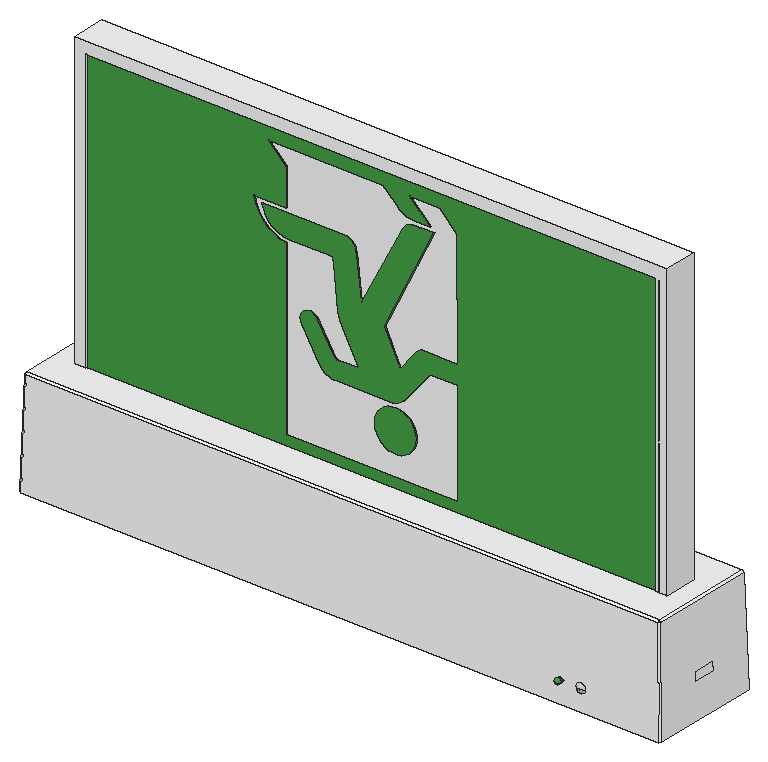
Revit family "GLIDER-SM_AUA03510130001", category Lighting Fixtures, host Face, Revit 2020 (continued)
Parameters (values of type "Running Man Single")
      5.345,   5.325\r\n   5.293,   5.259,   5.228,   5.229,   5.195,   5.155,   5.131,   5.102\r\n   5.059,   5.038,   5.015,   4.948,   4.933,   4.890,   4.864,   4.819\r\n   4.769,   4.736,   4.707,   4.659,   4.614,   4.574,   4.559,   4.501\r\n   4.450,   4.408,   4.374,   4.318,   4.266,   4.228,   4.173,   4.137\r\n   4.094,   4.058,   4.021,   3.995,   3.924,   3.897,   3.853,   3.796\r\n   3.783,   3.728,   3.689,   3.647,   3.626,   3.563,   3.530,   3.508\r\n   3.470,   3.417,   3.388,   3.342,   3.293,   3.268,   3.231,   3.189\r\n   3.153,   3.110,   3.072,   3.033,   3.002,   2.956,   2.907,   2.869\r\n   2.836,   2.795,   2.753,   2.718,   2.665,   2.623,   2.593,   2.532\r\n   2.486,   2.447,   2.407,   2.338,   2.297,   2.251,   2.204,   2.148\r\n   2.105,   2.057,   2.019,   1.987,   1.926,   1.901,   1.864,   1.818\r\n   1.777,   1.742,   1.708,   1.667,   1.639,   1.597,   1.569,   1.542\r\n   1.501,   1.470,   1.449,   1.410,   1.390,   1.360,   1.334,   1.309\r\n   1.290,   1.263,   1.244,   1.227,   1.212,   1.193,   1.172,   1.162\r\n   1.141,   1.129,   1.121,   1.106,   1.092,   1.086,   1.071,   1.066\r\n   1.055,   1.049,   1.043,   1.038,   1.030,   1.029,   1.023,   1.022\r\n   1.021,   1.016,   1.012,   1.005,   1.010,   1.006,   1.005,   1.003\r\n   0.995,   0.996,   0.987,   0.990,   0.990,   0.982,   0.979,   0.975\r\n   0.975,   0.970,   0.963,   0.960,   0.953,   0.949,   0.948,   0.943\r\n   0.933,   0.926,   0.925,   0.915,   0.915,   0.905,   0.899,   0.898\r\n   0.889,   0.883,   0.877,   0.870,   0.862,   0.857,   0.847,   0.844\r\n   0.839,   0.832,   0.822,   0.816,   0.814,   0.806,   0.797,   0.793\r\n   0.783,   0.774,   0.767,   0.764,   0.756,   0.748,   0.744,   0.736\r\n   0.727,   0.723,   0.716,   0.708,   0.703,   0.694,   0.688,   0.682\r\n   0.672,   0.665,   0.663,   0.651,   0.647,   0.637,   0.628,   0.623\r\n   0.618,   0.612,   0.601,   0.595,   0.591,   0.582,   0.576,   0.570\r\n   0.562,   0.557,   0.548,   0.542,   0.533,   0.529,   0.522,   0.515\r\n   0.503,   0.502,   0.490,   0.487,   0.478,   0.474,   0.465,   0.455\r\n   0.452,   0.440,   0.435,   0.428,   0.417,   0.413,   0.404,   0.392\r\n   0.387,   0.377,   0.371,   0.361,   0.354,   0.346,   0.335,   0.327\r\n   0.318,   0.310,   0.300,   0.291,   0.282,   0.272,   0.264,   0.252\r\n   0.242,   0.235,   0.222,   0.210,   0.201,   0.189,   0.177,   0.162\r\n   0.147,   0.136,   0.127,   0.121,   0.115,   0.107,   0.103,   0.096\r\n   0.089,   0.082,   0.076,   0.072,   0.064,   0.059,   0.054,   0.047\r\n   0.043,   0.040,   0.031,   0.028,   0.022,   0.017,   0.014,   0.011\r\n   0.011,   0.011,   0.010,   0.009,   0.011,   0.010,   0.009,   0.010\r\n   0.008,   0.010,   0.010,   0.009,   0.010,   0.008,   0.008,   0.008\r\n   0.010,   0.009,   0.009,   0.009,   0.010,   0.011,   0.009,   0.009\r\n   0.009\r\n   5.761,   5.738,   5.804,   5.796,   5.815,   5.814,   5.830,   5.825\r\n   5.830,   5.825,   5.828,   5.855,   5.843,   5.844,   5.832,   5.849\r\n   5.865,   5.855,   5.851,   5.861,   5.859,   5.847,   5.852,   5.857\r\n   5.840,   5.860,   5.860,   5.847,   5.867,   5.823,   5.836,   5.836\r\n   5.820,   5.823,   5.801,   5.783,   5.761,   5.750,   5.757,   5.726\r\n   5.683,   5.683,   5.648,   5.623,   5.613,   5.576,   5.539,   5.518\r\n   5.515,   5.482,   5.446,   5.417,   5.374,   5.361,   5.332,   5.312\r\n   5.307,   5.262,   5.208,   5.236,   5.158,   5.132,   5.123,   5.090\r\n   5.082,   5.075,   5.040,   4.991,   4.985,   4.944,   4.941,   4.914\r\n   4.879,   4.871,   4.844,   4.834,   4.784,   4.753,   4.735,   4.722\r\n   4.699,   4.670,   4.641,   4.607,   4.581,   4.582,   4.537,   4.518\r\n   4.481,   4.469,   4.432,   4.425,   4.384,   4.343,   4.324,   4.272\r\n   4.238,   4.206,   4.146,   4.105,   4.077,   4.013,   3.953,   3.918\r\n   3.873,   3.809,   3.767,   3.702,   3.656,   3.586,   3.537,   3.465\r\n   3.420,   3.362,   3.320,   3.263,   3.221,   3.169,   3.108,   3.070\r\n   3.022,   2.967,   2.932,   2.873,   2.829,   2.792,   2.759,   2.710\r\n   2.669,   2.630,   2.588,   2.553,   2.509,   2.484,   2.432,   2.403\r\n   2.368,   2.339,   2.313,   2.276,   2.232,   2.210,   2.173,   2.140\r\n   2.114,   2.078,   2.051,   2.023,   2.002,   1.962,   1.938,   1.917\r\n   1.888,   1.872,   1.843,   1.824,   1.803,   1.779,   1.775,   1.741\r\n   1.726,   1.703,   1.689,   1.676,   1.660,   1.651,   1.637,   1.621\r\n   1.598,   1.590,   1.585,   1.571,   1.556,   1.549,   1.533,   1.521\r\n   1.522,   1.504,   1.500,   1.497,   1.492,   1.482,   1.474,   1.474\r\n   1.465,   1.462,   1.457,   1.456,   1.447,   1.449,   1.446,   1.437\r\n   1.433,   1.436,   1.425,   1.420,   1.423,   1.417,   1.414,   1.415\r\n   1.410,   1.399,   1.402,   1.395,   1.386,   1.382,   1.384,   1.376\r\n   1.369,   1.364,   1.363,   1.359,   1.350,   1.343,   1.340,   1.336\r\n   1.327,   1.319,   1.310,   1.313,   1.297,   1.285,   1.282,   1.271\r\n   1.261,   1.267,   1.250,   1.243,   1.236,   1.222,   1.217,   1.211\r\n   1.199,   1.183,   1.176,   1.172,   1.161,   1.154,   1.139,   1.136\r\n   1.119,   1.110,   1.100,   1.089,   1.078,   1.070,   1.060,   1.051\r\n   1.038,   1.033,   1.016,   1.005,   0.996,   0.984,   0.974,   0.962\r\n   0.950,   0.943,   0.929,   0.921,   0.912,   0.896,   0.884,   0.873\r\n   0.865,   0.847,   0.835,   0.825,   0.811,   0.798,   0.791,   0.778\r\n   0.770,   0.759,   0.741,   0.733,   0.723,   0.709,   0.691,   0.680\r\n   0.672,   0.661,   0.647,   0.637,   0.622,   0.612,   0.599,   0.582\r\n   0.567,   0.561,   0.548,   0.537,   0.523,   0.512,   0.498,   0.485\r\n   0.477,   0.459,   0.444,   0.432,   0.423,   0.406,   0.398,   0.386\r\n   0.370,   0.361,   0.351,   0.337,   0.326,   0.316,   0.303,   0.289\r\n   0.279,   0.262,   0.247,   0.237,   0.225,   0.214,   0.203,   0.188\r\n   0.172,   0.162,   0.149,   0.137,   0.127,   0.117,   0.104,   0.091\r\n   0.079,   0.068,   0.056,   0.046,   0.032,   0.020,   0.013,   0.012\r\n   0.010,   0.009,   0.011,   0.010,   0.011,   0.010,   0.011,   0.010\r\n   0.009,   0.011,   0.011,   0.010,   0.011,   0.009,   0.011,   0.010\r\n   0.010,   0.009,   0.011,   0.009,   0.010,   0.010,   0.009,   0.010\r\n   0.009\r\n   5.761,   5.752,   5.788,   5.847,   5.807,   5.830,   5.832,   5.857\r\n   5.869,   5.826,   5.882,   5.842,   5.858,   5.879,   5.897,   5.909\r\n   5.880,   5.917,   5.936,   5.903,   5.907,   5.921,   5.889,   5.901\r\n   5.904,   5.892,   5.904,   5.877,   5.880,   5.877,   5.866,   5.854\r\n   5.810,   5.801,   5.762,   5.755,   5.727,   5.675,   5.649,   5.634\r\n   5.614,   5.585,   5.554,   5.545,   5.498,   5.477,   5.456,   5.438\r\n   5.428,   5.370,   5.354,   5.318,   5.303,   5.305,   5.244,   5.249\r\n   5.233,   5.179,   5.184,   5.147,   5.138,   5.138,   5.084,   5.075\r\n   5.061,   5.030,   4.993,   4.987,   4.970,   4.938,   4.952,   4.884\r\n   4.911,   4.854,   4.837,   4.804,   4.786,   4.760,   4.734,   4.696\r\n   4.689,   4.656,   4.626,   4.566,   4.525,   4.502,   4.463,   4.413\r\n   4.368,   4.330,   4.288,   4.224,   4.172,   4.125,   4.066,   3.993\r\n   3.950,   3.903,   3.845,   3.781,   3.734,   3.683,   3.633,   3.574\r\n   3.521,   3.460,   3.407,   3.375,   3.325,   3.277,   3.229,   3.180\r\n   3.120,   3.094,   3.034,   2.996,   2.949,   2.906,   2.877,   2.839\r\n   2.783,   2.756,   2.723,   2.670,   2.639,   2.621,   2.581,   2.538\r\n   2.501,   2.476,   2.440,   2.405,   2.378,   2.338,   2.309,   2.277\r\n   2.254,   2.227,   2.200,   2.166,   2.146,   2.118,   2.103,   2.073\r\n   2.059,   2.037,   2.015,   1.993,   1.972,   1.953,   1.937,   1.915\r\n   1.893,   1.879,   1.869,   1.848,   1.827,   1.809,   1.796,   1.773\r\n   1.771,   1.749,   1.740,   1.725,   1.711,   1.702,   1.691,   1.670\r\n   1.664,   1.661,   1.650,   1.639,   1.634,   1.623,   1.612,   1.603\r\n   1.592,   1.599,   1.592,   1.579,   1.578,   1.568,   1.568,   1.564\r\n   1.556,   1.557,   1.560,   1.547,   1.548,   1.540,   1.543,   1.536\r\n   1.534,   1.528,   1.526,   1.522,   1.521,   1.514,   1.515,   1.508\r\n   1.509,   1.503,   1.500,   1.500,   1.491,   1.490,   1.485,   1.481\r\n   1.473,   1.465,   1.463,   1.457,   1.453,   1.447,   1.447,   1.440\r\n   1.429,   1.426,   1.421,   1.414,   1.399,   1.399,   1.395,   1.382\r\n   1.382,   1.374,   1.369,   1.351,   1.344,   1.343,   1.324,   1.328\r\n   1.324,   1.299,   1.292,   1.288,   1.274,   1.267,   1.258,   1.248\r\n   1.237,   1.232,   1.218,   1.206,   1.198,   1.188,   1.175,   1.160\r\n   1.147,   1.137,   1.128,   1.117,   1.103,   1.091,   1.085,   1.073\r\n   1.055,   1.052,   1.038,   1.021,   1.015,   1.002,   0.978,   0.979\r\n   0.963,   0.949,   0.941,   0.928,   0.914,   0.903,   0.893,   0.881\r\n   0.867,   0.857,   0.840,   0.828,   0.818,   0.806,   0.788,   0.778\r\n   0.769,   0.756,   0.741,   0.728,   0.716,   0.699,   0.693,   0.678\r\n   0.663,   0.654,   0.638,   0.625,   0.614,   0.598,   0.587,   0.569\r\n   0.556,   0.543,   0.529,   0.518,   0.502,   0.489,   0.481,   0.466\r\n   0.454,   0.443,   0.426,   0.415,   0.402,   0.391,   0.380,   0.366\r\n   0.356,   0.346,   0.332,   0.324,   0.309,   0.295,   0.284,   0.272\r\n   0.256,   0.243,   0.229,   0.219,   0.205,   0.192,   0.175,   0.158\r\n   0.143,   0.132,   0.120,   0.113,   0.103,   0.091,   0.080,   0.071\r\n   0.057,   0.041,   0.029,   0.017,   0.010,   0.010,   0.009,   0.009\r\n   0.011,   0.008,   0.011,   0.010,   0.011,   0.012,   0.010,   0.007\r\n   0.012,   0.009,   0.009,   0.010,   0.009,   0.009,   0.009,   0.009\r\n   0.009\r\n   5.761,   5.714,   5.763,   5.777,   5.803,   5.798,   5.825,   5.831\r\n   5.829,   5.853,   5.839,   5.858,   5.839,   5.844,   5.875,   5.878\r\n   5.865,   5.900,   5.870,   5.881,   5.892,   5.884,   5.883,   5.883\r\n   5.887,   5.887,   5.875,   5.845,   5.869,   5.824,   5.798,   5.776\r\n   5.746,   5.733,   5.721,   5.696,   5.644,   5.621,   5.569,   5.551\r\n   5.532,   5.515,   5.494,   5.461,   5.420,   5.434,   5.376,   5.331\r\n   5.307,   5.292,   5.269,   5.246,   5.235,   5.205,   5.201,   5.197\r\n   5.157,   5.137,   5.128,   5.085,   5.061,   5.086,   5.066,   5.014\r\n   4.976,   4.987,   4.951,   4.945,   4.931,   4.917,   4.865,   4.843\r\n   4.826,   4.818,   4.774,   4.744,   4.714,   4.697,   4.654,   4.620\r\n   4.572,   4.538,   4.493,   4.447,   4.409,   4.372,   4.319,   4.276\r\n   4.200,   4.133,   4.096,   4.071,   3.988,   3.926,   3.876,   3.822\r\n   3.760,   3.708,   3.659,   3.594,   3.566,   3.500,   3.442,   3.404\r\n   3.332,   3.283,   3.261,   3.205,   3.161,   3.129,   3.061,   3.027\r\n   2.981,   2.948,   2.908,   2.864,   2.815,   2.788,   2.740,   2.717\r\n   2.678,   2.644,   2.604,   2.572,   2.551,   2.502,   2.479,   2.446\r\n   2.412,   2.387,   2.355,   2.319,   2.302,   2.260,   2.235,   2.221\r\n   2.201,   2.164,   2.149,   2.130,   2.100,   2.088,   2.075,   2.033\r\n   2.025,   2.012,   1.988,   1.969,   1.948,   1.917,   1.901,   1.904\r\n   1.879,   1.851,   1.842,   1.823,   1.814,   1.806,   1.784,   1.781\r\n   1.758,   1.752,   1.741,   1.728,   1.719,   1.706,   1.690,   1.690\r\n   1.677,   1.671,   1.662,   1.654,   1.643,   1.642,   1.633,   1.624\r\n   1.621,   1.614,   1.600,   1.591,   1.585,   1.592,   1.588,   1.587\r\n   1.572,   1.577,   1.579,   1.567,   1.567,   1.564,   1.564,   1.563\r\n   1.565,   1.560,   1.556,   1.549,   1.547,   1.541,   1.541,   1.533\r\n   1.533,   1.531,   1.530,   1.522,   1.523,   1.507,   1.512,   1.508\r\n   1.503,   1.500,   1.489,   1.481,   1.480,   1.479,   1.473,   1.467\r\n   1.457,   1.450,   1.439,   1.440,   1.434,   1.423,   1.416,   1.410\r\n   1.406,   1.398,   1.390,   1.378,   1.374,   1.368,   1.357,   1.353\r\n   1.344,   1.332,   1.322,   1.308,   1.302,   1.289,   1.283,   1.274\r\n   1.268,   1.255,   1.248,   1.233,   1.221,   1.212,   1.201,   1.191\r\n   1.184,   1.164,   1.156,   1.140,   1.132,   1.119,   1.109,   1.096\r\n   1.083,   1.070,   1.058,   1.043,   1.037,   1.019,   1.010,   0.997\r\n   0.981,   0.975,   0.959,   0.947,   0.936,   0.918,   0.910,   0.901\r\n   0.887,   0.880,   0.861,   0.843,   0.833,   0.825,   0.807,   0.794\r\n   0.787,   0.772,   0.760,   0.749,   0.739,   0.722,   0.711,   0.702\r\n   0.687,   0.669,   0.658,   0.645,   0.633,   0.622,   0.608,   0.590\r\n   0.580,   0.566,   0.550,   0.538,   0.527,   0.516,   0.499,   0.483\r\n   0.471,   0.460,   0.448,   0.434,   0.421,   0.410,   0.398,   0.385\r\n   0.378,   0.365,   0.350,   0.340,   0.329,   0.316,   0.307,   0.297\r\n   0.286,   0.277,   0.262,   0.250,   0.238,   0.225,   0.207,   0.187\r\n   0.171,   0.152,   0.138,   0.128,   0.119,   0.107,   0.100,   0.081\r\n   0.070,   0.057,   0.045,   0.033,   0.022,   0.012,   0.010,   0.009\r\n   0.008,   0.008,   0.010,   0.011,   0.009,   0.010,   0.010,   0.009\r\n   0.010,   0.008,   0.010,   0.009,   0.007,   0.009,   0.009,   0.010\r\n   0.009\r\n"
  Model = "GLIDER-SM"  # constant formula
  Material = Clevertronics_White
  Manufacturer = "Clevertronics"  # constant formula
  built-in parameter 1150105 = 109.82 (stored number, unit not read)
  Lumens = 1380 lm
  built-in parameter 1150115 = 1 (stored number, unit not read)
  built-in parameter 1150137 = (empty or 0)
  built-in parameter 1150139 = (empty or 0)
  built-in parameter 1150112 = 1 (stored number, unit not read)
  built-in parameter 1150114 = 1 (stored number, unit not read)
  Lamp = "12 x Samsung LED, 50,000 hours"  # constant formula
  built-in parameter 1150132 = (empty or 0)
  built-in parameter 1150102 = (empty or 0)
  built-in parameter 1150107 = 3200 (stored number, unit not read)
  built-in parameter 1150138 = (empty or 0)
  Indication Right = no
  Indication Left = no
  built-in parameter 1150106 = 1.0982 (stored number, unit not read)
  built-in parameter 1150104 = 13.8 (stored number, unit not read)
  Dimming Lamp Color Temperature Shift = <None>
  Description = "Glider Blade Exit, Surface Mount, Trade Series, Picto All, Double Sided"  # constant formula
  Default Elevation = 0 mm
  Content Provider URL = "https://mepros-eng.com/"
  Color Filter = 16777215
  Clevertronics_Rod Height [instance] = 250 mm
  Clevertronics_Electrical Connection = "N/A"  # constant formula
  Clevertronics_Body/Box (LxWxH mm) = "341mm x 60mm x 215mm"  # constant formula
  Clevertronics_Blade Assembly (LxWxH mm) = "N/A"  # constant formula
  built-in parameter 1114218 = 1 (stored number, unit not read)
  built-in parameter 1150133 = 10 (stored number, unit not read)
  3D Content Provider = "Mepros engineering"  # constant formula
  Clevertronics_Weight = "1.80kg"  # constant formula
  Clevertronics_Viewing Distance = "24m"  # constant formula
  Clevertronics_Testing System = "N/A - Manual test switch"  # constant formula
  Clevertronics_Supply Current = "N/A"  # constant formula
  Clevertronics_Replacement Battery = "1560180 : Battery"  # constant formula
  Clevertronics_Product Description = "Glider Blade Exit, Surface Mount, Trade Series, Picto All, Double Sided"  # constant formula
  Clevertronics_Power Factor = "N/A"  # constant formula
  Clevertronics_Power Consumption = "1.3 Watts (Standby), 2.6 Watts (Max)"  # constant formula
  Clevertronics_Other Modules = ""
  Clevertronics_Operating Voltage = "240V AC; 50Hz"  # constant formula
  Clevertronics_Operating Temperature = "1˚C to 40˚C"  # constant formula
  Clevertronics_Operating Mode = "Maintained"  # constant formula
  Clevertronics_Mounting = "Surface Mount, Double Sided"  # constant formula
  Clevertronics_MIC Number = "AUA03510130001"  # constant formula
  Clevertronics_Inrush Current (Max) = "N/A"  # constant formula
  Clevertronics_IP Rating = "IP20"  # constant formula
  Clevertronics_IK Rating = "N/A"  # constant formula
  Clevertronics_Escape Route Illumination = "N/A"  # constant formula
  Clevertronics_Emergency Driver = "8003552 : Emergency Driver"  # constant formula
  Clevertronics_Earth Leakage = "0.42"  # constant formula
  Clevertronics_Emergency Node = "8012080 : LED Board"  # constant formula
  Clevertronics_Diffuser = "All pictograph directional inserts included in the box"  # constant formula
  Clevertronics_Construction = "PC/ABS body with PC diffuser"  # constant formula
  Clevertronics_Charger Method = "Intelligent Current Limited Constant Voltage"  # constant formula
  Clevertronics_Battery Type = "Lithium Iron Phosphate"  # constant formula
  Clevertronics_Battery = "3.2V 1100mAh"  # constant formula
  Clevertronics_Applicable Standards = "AS/NZS3820, CISPR15, AS/NZS2293.3"  # constant formula
  Clevertronics_AS2293 Classification = "C0=E4, C90=E4, C180=E2.5, C270=E3.2"  # constant formula
  built-in parameter 1140040 [instance] = 1
  Apparent Load = 0 VA
Reference planes
  plane 1 "Centre (Front/Back)": y = 0
  plane 2: z = 0
  plane 3 "Centre (Left/Right)": x = 0
Forms (mm)
  Extrusion 1, solid, material "Clevertronics_White", not visible
    sketch origin (0, 9.85, 229.605) x (-1, 0, 0) y (0, 0, -1)
      loop
        line (-157.734, -113.901) -> (157.711, -113.901) -> (157.711, 55) -> (-157.734, 55) -> (-157.734, -113.901)
      loop
        line (151.752, 50.789) -> (-151.759, 50.789) -> (-151.759, -107.842) -> (151.752, -107.842) -> (151.752, 50.789)
    from 0.85 to 18.85
  Extrusion 2, solid, material "Clevertronics_White", not visible
    sketch origin (0, 9.182, 229.648) x (-1, 0, 0) y (0, 0, -1)
      loop
        line (-151.759, 51) -> (-151.759, -109.215) -> (151.752, -109.215) -> (151.752, 51) -> (-151.759, 51)
    from 0.789 to 17.514
  Extrusion 3, solid, material "Clevertronics_White"
    sketch origin (0, 9.85, 100) x (-1, 0, 0) y (0, 0, -1)
      loop
        line (-157.734, -113.901) -> (157.711, -113.901) -> (157.711, 55) -> (-157.734, 55) -> (-157.734, -113.901)
      loop
        line (151.752, 50.789) -> (-151.759, 50.789) -> (-151.759, -107.842) -> (151.752, -107.842) -> (151.752, 50.789)
    from 0.85 to 18.85
  Extrusion 4, solid, material "Clevertronics_White"
    sketch origin (0, 9.182, 100.043) x (-1, 0, 0) y (0, 0, -1)
      loop
        line (-151.759, 51) -> (-151.759, -109.215) -> (151.752, -109.215) -> (151.752, 51) -> (-151.759, 51)
    from 0.789 to 17.514
  Blend 5, solid, material "Clevertronics_White"
    base sketch origin (0, 0, 0) x (1, 0, 0) y (0, 1, 0)
      loop
        line (168.236, 27.29) -> (-168.236, 27.29) -> (-168.236, -27.281) -> (168.236, -27.281) -> (168.236, 27.29)
    top sketch origin (0, 0, 0) x (1, 0, 0) y (0, 1, 0)
      loop
        line (-169.262, 27.315) -> (-169.262, -27.307) -> (-168.262, -28.307) -> (168.262, -28.307) -> (169.262, -27.307) -> (169.262, 27.315) -> (168.262, 28.316) -> (-168.262, 28.316) -> (-169.262, 27.315)
    from 58.306 to 57.306
  Blend 6, solid, material "Clevertronics_White"
    base sketch origin (0, 0, 0) x (1, 0, 0) y (0, 1, 0)
      loop
        line (-169.262, 27.315) -> (-169.262, -27.307) -> (-168.262, -28.307) -> (168.262, -28.307) -> (169.262, -27.307) -> (169.262, 27.315) -> (168.262, 28.316) -> (-168.262, 28.316) -> (-169.262, 27.315)
    top sketch origin (0, 0, 0) x (1, 0, 0) y (0, 1, 0)
      loop
        line (-169.724, 29.777) -> (-170.724, 28.777) -> (-170.724, -28.768) -> (-169.724, -29.768) -> (169.724, -29.768) -> (170.724, -28.768) -> (170.724, 28.777) -> (169.724, 29.777) -> (-169.724, 29.777)
    from 57.306 to 1.5
  Extrusion 7, solid, material "Green Plastic", visible <- "Straight line", detail levels medium+fine
    sketch origin (-503.135, -7.75, -9.974) x (1, 0, 0) y (0, 0, 1)
      loop
        line (503.452, 61.638) -> (656.202, 61.638) -> (656.202, 140.256) -> (656.202, 217.817) -> (503.452, 217.817) -> (351.383, 217.817) -> (351.383, 140.256) -> (351.383, 61.638) -> (503.452, 61.638)
      loop
        line (548.786, 201.089) -> (539.466, 210.377) -> (523.419, 210.377) -> (534.812, 199.325) -> (525.234, 199.325)
        arc (525.234, 199.325) -> (519.907, 201.124) -> (515.367, 204.441) r 18.485
        line (515.367, 204.441) -> (509.107, 210.681) -> (448.507, 210.681) -> (458.08, 201.383) -> (458.08, 181.863) -> (440.743, 181.863)
        arc (440.743, 181.863) -> (446.497, 170.435) -> (458.08, 165.001) r 19.575
        line (458.08, 165.001) -> (458.08, 73.357) -> (548.823, 73.357) -> (548.823, 128.958) -> (534.494, 128.958) -> (521.875, 112.924)
        arc (521.875, 112.924) -> (518.169, 109.85) -> (513.528, 108.568) r 11.467
        line (513.528, 108.568) -> (484.111, 108.568)
        arc (484.111, 108.568) -> (479.351, 109.729) -> (475.66, 112.95) r 10.339
        line (475.66, 112.95) -> (465.941, 128.924)
        arc (465.941, 128.924) -> (467.662, 135.993) -> (474.732, 134.272) r 5.145
        line (474.732, 134.272) -> (483.27, 120.239)
        arc (483.27, 120.239) -> (484.25, 119.167) -> (485.563, 118.547) r 3.761
        line (485.563, 118.547) -> (496.188, 118.547) -> (487.668, 134.874)
        arc (487.668, 134.874) -> (486.232, 138.057) -> (485.171, 141.384) r 30.459
        line (485.171, 141.384) -> (483.138, 164.277)
        arc (483.138, 164.277) -> (482.53, 166.026) -> (481.168, 167.281) r 3.803
        line (481.168, 167.281) -> (458.781, 167.281)
        arc (458.781, 167.281) -> (449.589, 170.71) -> (444.889, 179.322) r 14.034
        line (444.889, 179.322) -> (489.242, 179.322)
        arc (489.242, 179.322) -> (492.89, 177.733) -> (494.887, 174.292) r 6.382
        line (494.887, 174.292) -> (495.35, 172.11) -> (497.764, 150.956) -> (519.127, 192.15)
        arc (519.127, 192.15) -> (521.343, 195.311) -> (524.72, 197.183) r 8.593
        line (524.72, 197.183) -> (536.495, 197.183) -> (510.449, 143.817) -> (518.473, 126.206) -> (525.519, 135.342)
        arc (525.519, 135.342) -> (527.367, 137.299) -> (529.565, 138.85) r 13.504
        line (529.565, 138.85) -> (548.823, 138.85) -> (548.786, 201.089)
      loop
        circle (515.955, 95.63) r 11.106
    from 0 to 0.767
  Extrusion 8, solid, material "Green Plastic", visible <- "Indication Right", detail levels medium+fine
    sketch origin (-503.135, -7.75, -9.974) x (1, 0, 0) y (0, 0, 1)
      loop
        line (503.139, 61.638) -> (656.202, 61.638) -> (656.202, 140.1) -> (656.202, 219.232) -> (503.139, 219.232) -> (349.764, 219.232) -> (349.764, 140.1) -> (349.764, 61.638) -> (503.139, 61.638)
      loop
        line (532.622, 200.933) -> (532.585, 138.694) -> (551.843, 138.694)
        arc (551.843, 138.694) -> (554.042, 137.143) -> (555.889, 135.186) r 13.504
        line (555.889, 135.186) -> (562.936, 126.05) -> (570.96, 143.661) -> (544.913, 197.027) -> (556.688, 197.027)
        arc (556.688, 197.027) -> (560.065, 195.155) -> (562.281, 191.993) r 8.593
        line (562.281, 191.993) -> (583.644, 150.8) -> (586.059, 171.954) -> (586.521, 174.135)
        arc (586.521, 174.135) -> (588.519, 177.577) -> (592.167, 179.166) r 6.382
        line (592.167, 179.166) -> (636.519, 179.166)
        arc (636.519, 179.166) -> (631.819, 170.554) -> (622.627, 167.124) r 14.034
        line (622.627, 167.124) -> (600.24, 167.124)
        arc (600.24, 167.124) -> (598.878, 165.87) -> (598.271, 164.121) r 3.803
        line (598.271, 164.121) -> (596.237, 141.227)
        arc (596.237, 141.227) -> (595.176, 137.901) -> (593.741, 134.718) r 30.459
        line (593.741, 134.718) -> (585.22, 118.391) -> (595.845, 118.391)
        arc (595.845, 118.391) -> (597.158, 119.011) -> (598.139, 120.083) r 3.761
        line (598.139, 120.083) -> (606.677, 134.116)
        arc (606.677, 134.116) -> (613.746, 135.837) -> (615.467, 128.768) r 5.145
        line (615.467, 128.768) -> (605.748, 112.794)
        arc (605.748, 112.794) -> (602.057, 109.572) -> (597.298, 108.412) r 10.339
        line (597.298, 108.412) -> (567.881, 108.412)
        arc (567.881, 108.412) -> (563.239, 109.693) -> (559.534, 112.767) r 11.467
        line (559.534, 112.767) -> (546.914, 128.802) -> (532.585, 128.802) -> (532.585, 73.2) -> (623.328, 73.2) -> (623.328, 164.845)
        arc (623.328, 164.845) -> (634.912, 170.278) -> (640.665, 181.706) r 19.575
        line (640.665, 181.706) -> (623.328, 181.706) -> (623.328, 201.227) -> (632.902, 210.525) -> (572.302, 210.525) -> (566.041, 204.285)
        arc (566.041, 204.285) -> (561.502, 200.968) -> (556.175, 199.168) r 18.485
        line (556.175, 199.168) -> (546.597, 199.168) -> (557.989, 210.221) -> (541.943, 210.221) -> (532.622, 200.933)
      loop
        circle (565.454, 95.474) r 11.106
      loop
        line (483.445, 138.573) -> (483.445, 152.07) -> (426.049, 152.07) -> (461.66, 185.278) -> (425.559, 185.278) -> (373.158, 138.738) -> (425.367, 91.495) -> (461.828, 91.495) -> (426.101, 124.811) -> (483.445, 124.811) -> (483.445, 138.573)
    from 0 to 0.767
  Extrusion 9, solid, material "Green Plastic", visible <- "Straight Line (DS)", detail levels medium+fine
    sketch origin (-503.135, 7.75, -9.974) x (1, 0, 0) y (0, 0, -1)
      loop
        line (503.135, -61.489) -> (351.393, -61.489) -> (351.393, -139.951) -> (351.393, -219.232) -> (503.135, -219.232) -> (656.202, -219.232) -> (656.202, -139.951) -> (656.202, -61.489) -> (503.135, -61.489)
      loop
        line (548.47, -200.785) -> (548.507, -138.546) -> (529.249, -138.546)
        arc (529.249, -138.546) -> (527.05, -136.994) -> (525.202, -135.038) r 13.504
        line (525.202, -135.038) -> (518.156, -125.901) -> (510.132, -143.512) -> (536.179, -196.879) -> (524.403, -196.879)
        arc (524.403, -196.879) -> (521.027, -195.006) -> (518.81, -191.845) r 8.593
        line (518.81, -191.845) -> (497.448, -150.651) -> (495.033, -171.805) -> (494.571, -173.987)
        arc (494.571, -173.987) -> (492.573, -177.428) -> (488.925, -179.017) r 6.382
        line (488.925, -179.017) -> (444.573, -179.017)
        arc (444.573, -179.017) -> (449.273, -170.405) -> (458.465, -166.976) r 14.034
        line (458.465, -166.976) -> (480.852, -166.976)
        arc (480.852, -166.976) -> (482.213, -165.721) -> (482.821, -163.972) r 3.803
        line (482.821, -163.972) -> (484.854, -141.079)
        arc (484.854, -141.079) -> (485.916, -137.752) -> (487.351, -134.569) r 30.459
        line (487.351, -134.569) -> (495.871, -118.242) -> (485.247, -118.242)
        arc (485.247, -118.242) -> (483.933, -118.862) -> (482.953, -119.934) r 3.761
        line (482.953, -119.934) -> (474.415, -133.967)
        arc (474.415, -133.967) -> (467.346, -135.688) -> (465.625, -128.619) r 5.145
        line (465.625, -128.619) -> (475.343, -112.645)
        arc (475.343, -112.645) -> (479.034, -109.424) -> (483.794, -108.263) r 10.339
        line (483.794, -108.263) -> (513.211, -108.263)
        arc (513.211, -108.263) -> (517.852, -109.545) -> (521.558, -112.619) r 11.467
        line (521.558, -112.619) -> (534.178, -128.654) -> (548.507, -128.654) -> (548.507, -71.802) -> (457.763, -71.802) -> (457.763, -164.697)
        arc (457.763, -164.697) -> (446.18, -170.13) -> (440.427, -181.558) r 19.575
        line (440.427, -181.558) -> (457.763, -181.558) -> (457.763, -201.078) -> (448.19, -210.376) -> (508.79, -210.376) -> (515.05, -204.136)
        arc (515.05, -204.136) -> (519.59, -200.819) -> (524.917, -199.02) r 18.485
        line (524.917, -199.02) -> (534.495, -199.02) -> (523.102, -210.073) -> (539.149, -210.073) -> (548.47, -200.785)
      loop
        circle (515.638, -95.325) r 11.106
    from 0 to 0.767
  Extrusion 10, solid, material "Green Plastic", visible <- "Indication Left", detail levels medium+fine
    sketch origin (503.143, -7.75, -9.974) x (-1, 0, 0) y (0, 0, -1)
      loop
        line (503.151, -59.005) -> (351.378, -59.005) -> (351.378, -137.466) -> (351.378, -217.815) -> (503.151, -217.815) -> (654.885, -217.815) -> (654.885, -137.466) -> (654.885, -59.005) -> (503.151, -59.005)
      loop
        line (532.634, -201.269) -> (541.955, -210.557) -> (558.001, -210.557) -> (546.608, -199.504) -> (556.187, -199.504)
        arc (556.187, -199.504) -> (561.514, -201.303) -> (566.053, -204.621) r 18.485
        line (566.053, -204.621) -> (572.314, -210.861) -> (632.913, -210.861) -> (623.34, -201.562) -> (623.34, -181.79) -> (640.851, -181.79)
        arc (640.851, -181.79) -> (635.866, -168.628) -> (623.34, -162.212) r 19.575
        line (623.34, -162.212) -> (623.34, -73.067) -> (532.597, -73.067) -> (532.597, -129.138) -> (546.926, -129.138) -> (559.545, -113.103)
        arc (559.545, -113.103) -> (563.251, -110.029) -> (567.893, -108.747) r 11.467
        line (567.893, -108.747) -> (597.31, -108.747)
        arc (597.31, -108.747) -> (602.069, -109.908) -> (605.76, -113.13) r 10.339
        line (605.76, -113.13) -> (615.479, -129.103)
        arc (615.479, -129.103) -> (613.758, -136.172) -> (606.689, -134.451) r 5.145
        line (606.689, -134.451) -> (598.151, -120.418)
        arc (598.151, -120.418) -> (597.17, -119.346) -> (595.857, -118.726) r 3.761
        line (595.857, -118.726) -> (585.232, -118.726) -> (593.753, -135.054)
        arc (593.753, -135.054) -> (595.188, -138.237) -> (596.249, -141.563) r 30.459
        line (596.249, -141.563) -> (598.282, -164.456)
        arc (598.282, -164.456) -> (598.89, -166.205) -> (600.252, -167.46) r 3.803
        line (600.252, -167.46) -> (622.639, -167.46)
        arc (622.639, -167.46) -> (631.831, -170.889) -> (636.531, -179.501) r 14.034
        line (636.531, -179.501) -> (592.179, -179.501)
        arc (592.179, -179.501) -> (588.531, -177.912) -> (586.533, -174.471) r 6.382
        line (586.533, -174.471) -> (586.071, -172.289) -> (583.656, -151.135) -> (562.293, -192.329)
        arc (562.293, -192.329) -> (560.077, -195.491) -> (556.7, -197.363) r 8.593
        line (556.7, -197.363) -> (544.925, -197.363) -> (570.972, -143.997) -> (562.948, -126.385) -> (555.901, -135.522)
        arc (555.901, -135.522) -> (554.054, -137.478) -> (551.855, -139.03) r 13.504
        line (551.855, -139.03) -> (532.597, -139.03) -> (532.634, -201.269)
      loop
        circle (565.466, -95.81) r 11.106
      loop
        line (483.457, -138.909) -> (483.457, -125.146) -> (426.113, -125.146) -> (461.84, -91.831) -> (425.379, -91.831) -> (373.17, -139.074) -> (425.571, -185.613) -> (461.672, -185.613) -> (426.061, -152.406) -> (483.457, -152.406) -> (483.457, -138.909)
    from 0 to 0.767
  Extrusion 11, solid, material "Green Plastic", visible <- "Straight line", not visible, detail levels medium+fine
    sketch origin (-503.135, -7.75, 119.631) x (1, 0, 0) y (0, 0, 1)
      loop
        line (503.452, 61.638) -> (656.202, 61.638) -> (656.202, 140.256) -> (656.202, 217.817) -> (503.452, 217.817) -> (351.383, 217.817) -> (351.383, 140.256) -> (351.383, 61.638) -> (503.452, 61.638)
      loop
        line (548.786, 201.089) -> (539.466, 210.377) -> (523.419, 210.377) -> (534.812, 199.325) -> (525.234, 199.325)
        arc (525.234, 199.325) -> (519.907, 201.124) -> (515.367, 204.441) r 18.485
        line (515.367, 204.441) -> (509.107, 210.681) -> (448.507, 210.681) -> (458.08, 201.383) -> (458.08, 181.863) -> (440.743, 181.863)
        arc (440.743, 181.863) -> (446.497, 170.435) -> (458.08, 165.001) r 19.575
        line (458.08, 165.001) -> (458.08, 73.357) -> (548.823, 73.357) -> (548.823, 128.958) -> (534.494, 128.958) -> (521.875, 112.924)
        arc (521.875, 112.924) -> (518.169, 109.85) -> (513.528, 108.568) r 11.467
        line (513.528, 108.568) -> (484.111, 108.568)
        arc (484.111, 108.568) -> (479.351, 109.729) -> (475.66, 112.95) r 10.339
        line (475.66, 112.95) -> (465.941, 128.924)
        arc (465.941, 128.924) -> (467.662, 135.993) -> (474.732, 134.272) r 5.145
        line (474.732, 134.272) -> (483.27, 120.239)
        arc (483.27, 120.239) -> (484.25, 119.167) -> (485.563, 118.547) r 3.761
        line (485.563, 118.547) -> (496.188, 118.547) -> (487.668, 134.874)
        arc (487.668, 134.874) -> (486.232, 138.057) -> (485.171, 141.384) r 30.459
        line (485.171, 141.384) -> (483.138, 164.277)
        arc (483.138, 164.277) -> (482.53, 166.026) -> (481.168, 167.281) r 3.803
        line (481.168, 167.281) -> (458.781, 167.281)
        arc (458.781, 167.281) -> (449.589, 170.71) -> (444.889, 179.322) r 14.034
        line (444.889, 179.322) -> (489.242, 179.322)
        arc (489.242, 179.322) -> (492.89, 177.733) -> (494.887, 174.292) r 6.382
        line (494.887, 174.292) -> (495.35, 172.11) -> (497.764, 150.956) -> (519.127, 192.15)
        arc (519.127, 192.15) -> (521.343, 195.311) -> (524.72, 197.183) r 8.593
        line (524.72, 197.183) -> (536.495, 197.183) -> (510.449, 143.817) -> (518.473, 126.206) -> (525.519, 135.342)
        arc (525.519, 135.342) -> (527.367, 137.299) -> (529.565, 138.85) r 13.504
        line (529.565, 138.85) -> (548.823, 138.85) -> (548.786, 201.089)
      loop
        circle (515.955, 95.63) r 11.106
    from 0 to 0.767
  Extrusion 12, solid, material "Green Plastic", visible <- "Indication Right", not visible, detail levels medium+fine
    sketch origin (-503.135, -7.75, 119.631) x (1, 0, 0) y (0, 0, 1)
      loop
        line (503.139, 61.638) -> (656.202, 61.638) -> (656.202, 140.1) -> (656.202, 219.232) -> (503.139, 219.232) -> (349.764, 219.232) -> (349.764, 140.1) -> (349.764, 61.638) -> (503.139, 61.638)
      loop
        line (532.622, 200.933) -> (532.585, 138.694) -> (551.843, 138.694)
        arc (551.843, 138.694) -> (554.042, 137.143) -> (555.889, 135.186) r 13.504
        line (555.889, 135.186) -> (562.936, 126.05) -> (570.96, 143.661) -> (544.913, 197.027) -> (556.688, 197.027)
        arc (556.688, 197.027) -> (560.065, 195.155) -> (562.281, 191.993) r 8.593
        line (562.281, 191.993) -> (583.644, 150.8) -> (586.059, 171.954) -> (586.521, 174.135)
        arc (586.521, 174.135) -> (588.519, 177.577) -> (592.167, 179.166) r 6.382
        line (592.167, 179.166) -> (636.519, 179.166)
        arc (636.519, 179.166) -> (631.819, 170.554) -> (622.627, 167.124) r 14.034
        line (622.627, 167.124) -> (600.24, 167.124)
        arc (600.24, 167.124) -> (598.878, 165.87) -> (598.271, 164.121) r 3.803
        line (598.271, 164.121) -> (596.237, 141.227)
        arc (596.237, 141.227) -> (595.176, 137.901) -> (593.741, 134.718) r 30.459
        line (593.741, 134.718) -> (585.22, 118.391) -> (595.845, 118.391)
        arc (595.845, 118.391) -> (597.158, 119.011) -> (598.139, 120.083) r 3.761
        line (598.139, 120.083) -> (606.677, 134.116)
        arc (606.677, 134.116) -> (613.746, 135.837) -> (615.467, 128.768) r 5.145
        line (615.467, 128.768) -> (605.748, 112.794)
        arc (605.748, 112.794) -> (602.057, 109.572) -> (597.298, 108.412) r 10.339
        line (597.298, 108.412) -> (567.881, 108.412)
        arc (567.881, 108.412) -> (563.239, 109.693) -> (559.534, 112.767) r 11.467
        line (559.534, 112.767) -> (546.914, 128.802) -> (532.585, 128.802) -> (532.585, 73.2) -> (623.328, 73.2) -> (623.328, 164.845)
        arc (623.328, 164.845) -> (634.912, 170.278) -> (640.665, 181.706) r 19.575
        line (640.665, 181.706) -> (623.328, 181.706) -> (623.328, 201.227) -> (632.902, 210.525) -> (572.302, 210.525) -> (566.041, 204.285)
        arc (566.041, 204.285) -> (561.502, 200.968) -> (556.175, 199.168) r 18.485
        line (556.175, 199.168) -> (546.597, 199.168) -> (557.989, 210.221) -> (541.943, 210.221) -> (532.622, 200.933)
      loop
        circle (565.454, 95.474) r 11.106
      loop
        line (483.445, 138.573) -> (483.445, 152.07) -> (426.049, 152.07) -> (461.66, 185.278) -> (425.559, 185.278) -> (373.158, 138.738) -> (425.367, 91.495) -> (461.828, 91.495) -> (426.101, 124.811) -> (483.445, 124.811) -> (483.445, 138.573)
    from 0 to 0.767
  Extrusion 13, solid, material "Green Plastic", visible <- "Straight Line (DS)", not visible, detail levels medium+fine
    sketch origin (-503.135, 7.75, 119.631) x (1, 0, 0) y (0, 0, -1)
      loop
        line (503.135, -61.489) -> (351.393, -61.489) -> (351.393, -139.951) -> (351.393, -219.232) -> (503.135, -219.232) -> (656.202, -219.232) -> (656.202, -139.951) -> (656.202, -61.489) -> (503.135, -61.489)
      loop
        line (548.47, -200.785) -> (548.507, -138.546) -> (529.249, -138.546)
        arc (529.249, -138.546) -> (527.05, -136.994) -> (525.202, -135.038) r 13.504
        line (525.202, -135.038) -> (518.156, -125.901) -> (510.132, -143.512) -> (536.179, -196.879) -> (524.403, -196.879)
        arc (524.403, -196.879) -> (521.027, -195.006) -> (518.81, -191.845) r 8.593
        line (518.81, -191.845) -> (497.448, -150.651) -> (495.033, -171.805) -> (494.571, -173.987)
        arc (494.571, -173.987) -> (492.573, -177.428) -> (488.925, -179.017) r 6.382
        line (488.925, -179.017) -> (444.573, -179.017)
        arc (444.573, -179.017) -> (449.273, -170.405) -> (458.465, -166.976) r 14.034
        line (458.465, -166.976) -> (480.852, -166.976)
        arc (480.852, -166.976) -> (482.213, -165.721) -> (482.821, -163.972) r 3.803
        line (482.821, -163.972) -> (484.854, -141.079)
        arc (484.854, -141.079) -> (485.916, -137.752) -> (487.351, -134.569) r 30.459
        line (487.351, -134.569) -> (495.871, -118.242) -> (485.247, -118.242)
        arc (485.247, -118.242) -> (483.933, -118.862) -> (482.953, -119.934) r 3.761
        line (482.953, -119.934) -> (474.415, -133.967)
        arc (474.415, -133.967) -> (467.346, -135.688) -> (465.625, -128.619) r 5.145
        line (465.625, -128.619) -> (475.343, -112.645)
        arc (475.343, -112.645) -> (479.034, -109.424) -> (483.794, -108.263) r 10.339
        line (483.794, -108.263) -> (513.211, -108.263)
        arc (513.211, -108.263) -> (517.852, -109.545) -> (521.558, -112.619) r 11.467
        line (521.558, -112.619) -> (534.178, -128.654) -> (548.507, -128.654) -> (548.507, -71.802) -> (457.763, -71.802) -> (457.763, -164.697)
        arc (457.763, -164.697) -> (446.18, -170.13) -> (440.427, -181.558) r 19.575
        line (440.427, -181.558) -> (457.763, -181.558) -> (457.763, -201.078) -> (448.19, -210.376) -> (508.79, -210.376) -> (515.05, -204.136)
        arc (515.05, -204.136) -> (519.59, -200.819) -> (524.917, -199.02) r 18.485
        line (524.917, -199.02) -> (534.495, -199.02) -> (523.102, -210.073) -> (539.149, -210.073) -> (548.47, -200.785)
      loop
        circle (515.638, -95.325) r 11.106
    from 0 to 0.767
  Extrusion 14, solid, material "Green Plastic", visible <- "Indication Left", not visible, detail levels medium+fine
    sketch origin (503.143, -7.75, 119.631) x (-1, 0, 0) y (0, 0, -1)
      loop
        line (503.151, -59.005) -> (351.378, -59.005) -> (351.378, -137.466) -> (351.378, -217.815) -> (503.151, -217.815) -> (654.885, -217.815) -> (654.885, -137.466) -> (654.885, -59.005) -> (503.151, -59.005)
      loop
        line (532.634, -201.269) -> (541.955, -210.557) -> (558.001, -210.557) -> (546.608, -199.504) -> (556.187, -199.504)
        arc (556.187, -199.504) -> (561.514, -201.303) -> (566.053, -204.621) r 18.485
        line (566.053, -204.621) -> (572.314, -210.861) -> (632.913, -210.861) -> (623.34, -201.562) -> (623.34, -181.79) -> (640.851, -181.79)
        arc (640.851, -181.79) -> (635.866, -168.628) -> (623.34, -162.212) r 19.575
        line (623.34, -162.212) -> (623.34, -73.067) -> (532.597, -73.067) -> (532.597, -129.138) -> (546.926, -129.138) -> (559.545, -113.103)
        arc (559.545, -113.103) -> (563.251, -110.029) -> (567.893, -108.747) r 11.467
        line (567.893, -108.747) -> (597.31, -108.747)
        arc (597.31, -108.747) -> (602.069, -109.908) -> (605.76, -113.13) r 10.339
        line (605.76, -113.13) -> (615.479, -129.103)
        arc (615.479, -129.103) -> (613.758, -136.172) -> (606.689, -134.451) r 5.145
        line (606.689, -134.451) -> (598.151, -120.418)
        arc (598.151, -120.418) -> (597.17, -119.346) -> (595.857, -118.726) r 3.761
        line (595.857, -118.726) -> (585.232, -118.726) -> (593.753, -135.054)
        arc (593.753, -135.054) -> (595.188, -138.237) -> (596.249, -141.563) r 30.459
        line (596.249, -141.563) -> (598.282, -164.456)
        arc (598.282, -164.456) -> (598.89, -166.205) -> (600.252, -167.46) r 3.803
        line (600.252, -167.46) -> (622.639, -167.46)
        arc (622.639, -167.46) -> (631.831, -170.889) -> (636.531, -179.501) r 14.034
        line (636.531, -179.501) -> (592.179, -179.501)
        arc (592.179, -179.501) -> (588.531, -177.912) -> (586.533, -174.471) r 6.382
        line (586.533, -174.471) -> (586.071, -172.289) -> (583.656, -151.135) -> (562.293, -192.329)
        arc (562.293, -192.329) -> (560.077, -195.491) -> (556.7, -197.363) r 8.593
        line (556.7, -197.363) -> (544.925, -197.363) -> (570.972, -143.997) -> (562.948, -126.385) -> (555.901, -135.522)
        arc (555.901, -135.522) -> (554.054, -137.478) -> (551.855, -139.03) r 13.504
        line (551.855, -139.03) -> (532.597, -139.03) -> (532.634, -201.269)
      loop
        circle (565.466, -95.81) r 11.106
      loop
        line (483.457, -138.909) -> (483.457, -125.146) -> (426.113, -125.146) -> (461.84, -91.831) -> (425.379, -91.831) -> (373.17, -139.074) -> (425.571, -185.613) -> (461.672, -185.613) -> (426.061, -152.406) -> (483.457, -152.406) -> (483.457, -138.909)
    from 0 to 0.767
  Extrusion 15, solid, material "Green Plastic", visible <- "RM Side (DS)", detail levels medium+fine
    sketch origin (-503.095, 7.75, -10.005) x (1, 0, 0) y (0, 0, -1)
      loop
        line (503.159, -61.622) -> (349.94, -61.622) -> (349.94, -140.084) -> (349.94, -219.263) -> (503.159, -219.263) -> (656.263, -219.263) -> (656.263, -140.084) -> (656.263, -61.622) -> (503.159, -61.622)
      loop
        line (532.642, -200.918) -> (541.963, -210.206) -> (558.009, -210.206) -> (546.616, -199.153) -> (556.195, -199.153)
        arc (556.195, -199.153) -> (561.522, -200.952) -> (566.061, -204.27) r 18.485
